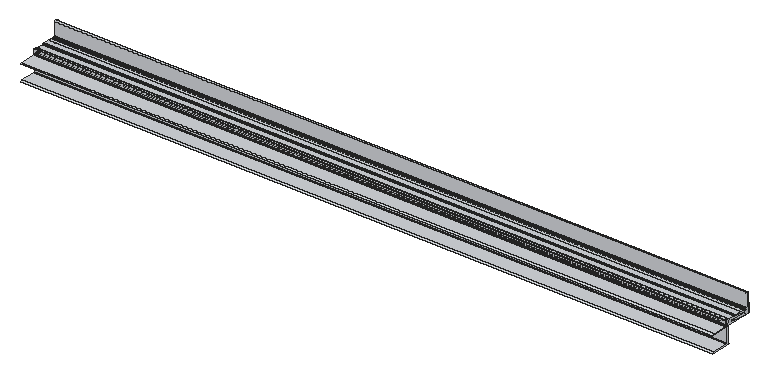
Revit family "Novojunta Pro Metal 80", category Modelos genéricos, Revit 2024 (continued)
Automatic sketch dimensions
  Extrusion 5 sketch curve to Extrusion 5 sketch curve = 0.666 mm
  Extrusion 5 sketch curve to Extrusion 5 sketch curve = 4.013 mm  (x2)
  Extrusion 5 sketch curve to Extrusion 5 sketch curve = 2.474 mm
  Extrusion 5 sketch curve to Extrusion 5 sketch curve = 0.22 mm
  Extrusion 5 sketch curve to Extrusion 5 sketch curve = 2.396 mm
  Extrusion 5 sketch curve to Extrusion 5 sketch curve = 0.396 mm
  Extrusion 5 sketch curve to Extrusion 5 sketch curve = 0.573 mm
  Extrusion 5 sketch curve to Extrusion 5 sketch curve = 0.513 mm
  Extrusion 5 sketch curve to Extrusion 5 sketch curve = 0.708 mm
  Extrusion 5 sketch curve to Extrusion 5 sketch curve = 3.287 mm
  Extrusion 5 sketch curve to Extrusion 5 sketch curve = 0.499 mm
  Extrusion 5 sketch curve to Extrusion 5 sketch curve = 0.515 mm
  Extrusion 5 sketch curve to Extrusion 5 sketch curve = 3.513 mm
  Extrusion 5 sketch curve to Extrusion 5 sketch curve = 2.076 mm
  Extrusion 5 sketch curve to Extrusion 5 sketch curve = 4.574 mm
  Extrusion 5 sketch curve to Extrusion 5 sketch curve = 46.095 mm
  Extrusion 5 sketch curve to Extrusion 5 sketch curve = 3.806 mm
  Extrusion 5 sketch curve to Extrusion 5 sketch curve = 2.051 mm
  Extrusion 5 sketch curve to Extrusion 5 sketch curve = 0.001 mm
  Extrusion 6 sketch curve to Extrusion 6 sketch curve = 0 mm  (x62)
  Extrusion 6 sketch curve to plane 1 "Center (Front/Back)" = 117.104 mm
  Extrusion 6 sketch curve to Extrusion 6 sketch curve = 6 mm  (x2)
  Extrusion 6 sketch curve to Extrusion 6 sketch curve = 55.9 mm
  Extrusion 6 sketch curve to level = 15.561 mm  (x2)
  Extrusion 6 sketch curve to Extrusion 6 sketch curve = 0.42 mm  (x3)
  Extrusion 6 sketch curve to Extrusion 6 sketch curve = 0.08 mm
  Extrusion 6 sketch curve to Extrusion 6 sketch curve = 0.5 mm  (x2)
  Extrusion 6 sketch curve to Extrusion 6 sketch curve = 2.5 mm
  Extrusion 6 sketch curve to Extrusion 6 sketch curve = 2.08 mm  (x3)
  Extrusion 6 sketch curve to level = 44.931 mm  (x2)
  Extrusion 6 sketch curve to Extrusion 6 sketch curve = 2 mm  (x6)
  Extrusion 6 sketch curve to Extrusion 6 sketch curve = 1.409 mm  (x2)
  Extrusion 6 sketch curve to Extrusion 6 sketch curve = 1.843 mm  (x2)
  Extrusion 6 sketch curve to Extrusion 6 sketch curve = 3.5 mm  (x2)
  Extrusion 6 sketch curve to level = 20.567 mm  (x2)
  Extrusion 6 sketch curve to Extrusion 6 sketch curve = 1.415 mm
  Extrusion 6 sketch curve to Extrusion 6 sketch curve = 0.585 mm  (x2)
  Extrusion 6 sketch curve to Extrusion 6 sketch curve = 2.8 mm
  Extrusion 6 sketch curve to Extrusion 6 sketch curve = 3.657 mm
  Extrusion 6 sketch curve to Extrusion 6 sketch curve = 0.049 mm  (x2)
  Extrusion 6 sketch curve to Extrusion 6 sketch curve = 0.217 mm  (x2)
  Extrusion 6 sketch curve to Extrusion 6 sketch curve = 4.181 mm
  Extrusion 6 sketch curve to Extrusion 6 sketch curve = 3.885 mm
  Extrusion 6 sketch curve to Extrusion 6 sketch curve = 0.443 mm  (x2)
  Extrusion 6 sketch curve to Extrusion 6 sketch curve = 2.163 mm
  Extrusion 6 sketch curve to Extrusion 6 sketch curve = 2.872 mm
  Extrusion 6 sketch curve to Extrusion 6 sketch curve = 1.697 mm
  Extrusion 6 sketch curve to Extrusion 6 sketch curve = 1.496 mm  (x2)
  Extrusion 6 sketch curve to level = 5.338 mm
  Extrusion 6 sketch curve to Extrusion 6 sketch curve = 7.933 mm
  Extrusion 6 sketch curve to level = 11.521 mm
  Extrusion 6 sketch curve to Extrusion 6 sketch curve = 0.461 mm
  Extrusion 6 sketch curve to Extrusion 6 sketch curve = 17.428 mm
  Extrusion 6 sketch curve to level = 9.925 mm
  Extrusion 6 sketch curve to Extrusion 6 sketch curve = 0.416 mm
  Extrusion 6 sketch curve to Extrusion 6 sketch curve = 1.256 mm
  Extrusion 6 sketch curve to Extrusion 6 sketch curve = 0.057 mm  (x2)
  Extrusion 6 sketch curve to Extrusion 6 sketch curve = 3.466 mm
  Extrusion 6 sketch curve to Extrusion 6 sketch curve = 6.098 mm
  Extrusion 6 sketch curve to Extrusion 6 sketch curve = 9.107 mm
  Extrusion 6 sketch curve to Extrusion 6 sketch curve = 1.375 mm
  Extrusion 6 sketch curve to level = 2.518 mm
  Extrusion 6 sketch curve to level = 8.637 mm
  Extrusion 6 sketch curve to level = 14.122 mm
  Extrusion 6 sketch curve to Extrusion 6 sketch curve = 17.383 mm
  Extrusion 6 sketch curve to level = 13.024 mm
  Extrusion 6 sketch curve to Extrusion 6 sketch curve = 0.446 mm
  Extrusion 6 sketch curve to level = 0.958 mm
  Extrusion 6 sketch curve to Extrusion 6 sketch curve = 0.625 mm
  Extrusion 6 sketch curve to level = 17.637 mm
  Extrusion 6 sketch curve to Extrusion 6 sketch curve = 0.185 mm
  Extrusion 6 sketch curve to level = 19.244 mm
  Extrusion 6 sketch curve to Extrusion 6 sketch curve = 0.444 mm
  Extrusion 6 sketch curve to Extrusion 6 sketch curve = 2.973 mm
  Extrusion 6 sketch curve to level = 11.808 mm
  Extrusion 6 sketch curve to Extrusion 6 sketch curve = 2.655 mm
  Extrusion 6 sketch curve to Extrusion 6 sketch curve = 2.823 mm
  Extrusion 6 sketch curve to Extrusion 6 sketch curve = 2.943 mm
  Extrusion 6 sketch curve to Extrusion 6 sketch curve = 3.743 mm
  Extrusion 6 sketch curve to level = 14.528 mm
  Extrusion 6 sketch curve to Extrusion 6 sketch curve = 3.874 mm
  Extrusion 6 sketch curve to Extrusion 6 sketch curve = 4.14 mm
  Extrusion 6 sketch curve to level = 18.801 mm
  Extrusion 6 sketch curve to level = 46.931 mm
  Extrusion 6 sketch curve to Extrusion 6 sketch curve = 56.9 mm
  Extrusion 6 sketch curve to Extrusion 6 sketch curve = 2.9 mm  (x2)
  Extrusion 6 sketch curve to Extrusion 6 sketch curve = 2.1 mm  (x2)
  Extrusion 6 sketch curve to Extrusion 6 sketch curve = 1.7 mm  (x2)
  Extrusion 6 sketch curve to Extrusion 6 sketch curve = 2.291 mm
  Extrusion 6 sketch curve to Extrusion 6 sketch curve = 1.74 mm
  Extrusion 6 sketch curve to Extrusion 6 sketch curve = 0.666 mm  (x2)
  Extrusion 6 sketch curve to Extrusion 6 sketch curve = 8.499 mm
  Extrusion 6 sketch curve to Extrusion 6 sketch curve = 0.112 mm
  Extrusion 6 sketch curve to Extrusion 6 sketch curve = 2.055 mm  (x2)
  Extrusion 6 sketch curve to Extrusion 6 sketch curve = 0.425 mm  (x2)
  Extrusion 6 sketch curve to Extrusion 6 sketch curve = 0.231 mm
  Extrusion 6 sketch curve to Extrusion 6 sketch curve = 2.392 mm
  Extrusion 6 sketch curve to Extrusion 6 sketch curve = 0.577 mm
  Extrusion 6 sketch curve to Extrusion 6 sketch curve = 0.392 mm
  Extrusion 6 sketch curve to Extrusion 6 sketch curve = 0.618 mm
  Extrusion 6 sketch curve to Extrusion 6 sketch curve = 0.718 mm
  Extrusion 6 sketch curve to Extrusion 6 sketch curve = 2.712 mm
  Extrusion 6 sketch curve to Extrusion 6 sketch curve = 3.297 mm
  Extrusion 6 sketch curve to Extrusion 6 sketch curve = 0.394 mm
  Extrusion 6 sketch curve to Extrusion 6 sketch curve = 0.415 mm
  Extrusion 6 sketch curve to Extrusion 6 sketch curve = 4.003 mm
  Extrusion 7 sketch curve to Extrusion 7 sketch curve = 0 mm  (x62)
  Extrusion 7 sketch curve to plane 1 "Center (Front/Back)" = 58.727 mm
  Extrusion 7 sketch curve to Extrusion 7 sketch curve = 2.122 mm
  Extrusion 7 sketch curve to Extrusion 7 sketch curve = 0.5 mm  (x3)
  Extrusion 7 sketch curve to Extrusion 7 sketch curve = 3 mm
  Extrusion 7 sketch curve to Extrusion 7 sketch curve = 1 mm  (x2)
  Extrusion 7 sketch curve to Extrusion 7 sketch curve = 1.415 mm  (x2)
  Extrusion 7 sketch curve to Extrusion 7 sketch curve = 1.836 mm  (x2)
  Extrusion 7 sketch curve to Extrusion 7 sketch curve = 4.085 mm
  Extrusion 7 sketch curve to Extrusion 7 sketch curve = 0.052 mm  (x2)
  Extrusion 7 sketch curve to Extrusion 7 sketch curve = 0.214 mm  (x2)
  Extrusion 7 sketch curve to Extrusion 7 sketch curve = 4.184 mm
  Extrusion 7 sketch curve to Extrusion 7 sketch curve = 4.609 mm
  Extrusion 7 sketch curve to Extrusion 7 sketch curve = 2.156 mm
  Extrusion 7 sketch curve to Extrusion 7 sketch curve = 2.872 mm
  Extrusion 7 sketch curve to Extrusion 7 sketch curve = 2.984 mm  (x2)
  Extrusion 7 sketch curve to level = 5.428 mm
  Extrusion 7 sketch curve to Extrusion 7 sketch curve = 7.935 mm
  Extrusion 7 sketch curve to level = 11.61 mm
  Extrusion 7 sketch curve to Extrusion 7 sketch curve = 0.469 mm
  Extrusion 7 sketch curve to Extrusion 7 sketch curve = 18.819 mm
  Extrusion 7 sketch curve to level = 9.986 mm
  Extrusion 7 sketch curve to Extrusion 7 sketch curve = 0.424 mm
  Extrusion 7 sketch curve to Extrusion 7 sketch curve = 1.313 mm
  Extrusion 7 sketch curve to Extrusion 7 sketch curve = 0.038 mm
  Extrusion 7 sketch curve to Extrusion 7 sketch curve = 3.382 mm  (x2)
  Extrusion 7 sketch curve to Extrusion 7 sketch curve = 6.098 mm
  Extrusion 7 sketch curve to Extrusion 7 sketch curve = 7.703 mm
  Extrusion 7 sketch curve to Extrusion 7 sketch curve = 1.365 mm
  Extrusion 7 sketch curve to level = 2.559 mm
  Extrusion 7 sketch curve to level = 8.676 mm
  Extrusion 7 sketch curve to level = 14.06 mm
  Extrusion 7 sketch curve to Extrusion 7 sketch curve = 18.774 mm
  Extrusion 7 sketch curve to level = 13.034 mm
  Extrusion 7 sketch curve to Extrusion 7 sketch curve = 0.454 mm
  Extrusion 7 sketch curve to level = 0.847 mm
  Extrusion 7 sketch curve to level = 19.201 mm
  Extrusion 7 sketch curve to Extrusion 7 sketch curve = 7.746 mm
  Extrusion 7 sketch curve to Extrusion 7 sketch curve = 0.636 mm
  Extrusion 7 sketch curve to level = 17.636 mm
  Extrusion 7 sketch curve to Extrusion 7 sketch curve = 0.386 mm
  Extrusion 7 sketch curve to Extrusion 7 sketch curve = 0.562 mm
  Extrusion 7 sketch curve to level = 11.804 mm
  Extrusion 7 sketch curve to Extrusion 7 sketch curve = 2.658 mm
  Extrusion 7 sketch curve to Extrusion 7 sketch curve = 2.82 mm
  Extrusion 7 sketch curve to Extrusion 7 sketch curve = 3.062 mm
  Extrusion 7 sketch curve to Extrusion 7 sketch curve = 3.862 mm
  Extrusion 7 sketch curve to level = 20.56 mm
  Extrusion 7 sketch curve to Extrusion 7 sketch curve = 0.585 mm
  Extrusion 7 sketch curve to Extrusion 7 sketch curve = 2 mm  (x4)
  Extrusion 7 sketch curve to level = 14.52 mm
  Extrusion 7 sketch curve to Extrusion 7 sketch curve = 3.878 mm
  Extrusion 7 sketch curve to level = 4.509 mm
  Extrusion 7 sketch curve to Extrusion 7 sketch curve = 4 mm
  Extrusion 7 sketch curve to level = 18.78 mm
  Extrusion 7 sketch curve to Extrusion 7 sketch curve = 0.463 mm
  Extrusion 7 sketch curve to level = 75.931 mm
  Extrusion 7 sketch curve to Extrusion 7 sketch curve = 2.037 mm  (x2)
  Extrusion 7 sketch curve to level = 15.581 mm
  Extrusion 7 sketch curve to Extrusion 7 sketch curve = 5.915 mm
  Extrusion 7 sketch curve to Extrusion 7 sketch curve = 56.4 mm
  Extrusion 7 sketch curve to level = 79.931 mm
  Extrusion 7 sketch curve to Extrusion 7 sketch curve = 5.647 mm
  Extrusion 7 sketch curve to Extrusion 7 sketch curve = 2.1 mm
  Extrusion 7 sketch curve to Extrusion 7 sketch curve = 1.7 mm
  Extrusion 7 sketch curve to Extrusion 7 sketch curve = 0.57 mm
  Extrusion 7 sketch curve to Extrusion 7 sketch curve = 0.916 mm
  Extrusion 7 sketch curve to Extrusion 7 sketch curve = 2.575 mm
  Extrusion 7 sketch curve to Extrusion 7 sketch curve = 0.499 mm  (x2)
  Extrusion 7 sketch curve to Extrusion 7 sketch curve = 4.078 mm
  Extrusion 7 sketch curve to Extrusion 7 sketch curve = 2.395 mm
  Extrusion 7 sketch curve to Extrusion 7 sketch curve = 0.395 mm
  Extrusion 7 sketch curve to Extrusion 7 sketch curve = 2.902 mm
  Extrusion 7 sketch curve to Extrusion 7 sketch curve = 0.61 mm
  Extrusion 7 sketch curve to Extrusion 7 sketch curve = 0.809 mm
  Extrusion 7 sketch curve to Extrusion 7 sketch curve = 3.289 mm
  Extrusion 7 sketch curve to Extrusion 7 sketch curve = 0.393 mm
  Extrusion 7 sketch curve to Extrusion 7 sketch curve = 0.416 mm
  Extrusion 7 sketch curve to Extrusion 7 sketch curve = 2.076 mm
  Extrusion 7 sketch curve to Extrusion 7 sketch curve = 4.01 mm
  Extrusion 7 sketch curve to Extrusion 7 sketch curve = 4.578 mm
  Extrusion 7 sketch curve to Extrusion 7 sketch curve = 46.095 mm
  Extrusion 7 sketch curve to Extrusion 7 sketch curve = 3.806 mm
  Extrusion 8 sketch curve to Extrusion 8 sketch curve = 0 mm  (x64)
  Extrusion 8 sketch curve to plane 1 "Center (Front/Back)" = 117.451 mm
  Extrusion 8 sketch curve to Extrusion 8 sketch curve = 5.647 mm  (x2)
  Extrusion 8 sketch curve to Extrusion 8 sketch curve = 55.2 mm
  Extrusion 8 sketch curve to level = 15.581 mm  (x2)
  Extrusion 8 sketch curve to Extrusion 8 sketch curve = 0.463 mm  (x4)
  Extrusion 8 sketch curve to Extrusion 8 sketch curve = 0.237 mm
  Extrusion 8 sketch curve to level = 75.931 mm  (x2)
  Extrusion 8 sketch curve to Extrusion 8 sketch curve = 0.5 mm  (x3)
  Extrusion 8 sketch curve to Extrusion 8 sketch curve = 2.5 mm
  Extrusion 8 sketch curve to Extrusion 8 sketch curve = 2.037 mm  (x3)
  Extrusion 8 sketch curve to Extrusion 8 sketch curve = 2 mm  (x7)
  Extrusion 8 sketch curve to Extrusion 8 sketch curve = 1.415 mm  (x3)
  Extrusion 8 sketch curve to Extrusion 8 sketch curve = 1.836 mm  (x2)
  Extrusion 8 sketch curve to level = 76.131 mm
  Extrusion 8 sketch curve to Extrusion 8 sketch curve = 4 mm  (x2)
  Extrusion 8 sketch curve to level = 20.56 mm  (x2)
  Extrusion 8 sketch curve to Extrusion 8 sketch curve = 2.8 mm  (x2)
  Extrusion 8 sketch curve to Extrusion 8 sketch curve = 4.085 mm
  Extrusion 8 sketch curve to Extrusion 8 sketch curve = 0.052 mm  (x2)
  Extrusion 8 sketch curve to Extrusion 8 sketch curve = 0.214 mm  (x2)
  Extrusion 8 sketch curve to Extrusion 8 sketch curve = 4.188 mm
  Extrusion 8 sketch curve to Extrusion 8 sketch curve = 3.885 mm
  Extrusion 8 sketch curve to Extrusion 8 sketch curve = 2.872 mm
  Extrusion 8 sketch curve to Extrusion 8 sketch curve = 0.562 mm  (x2)
  Extrusion 8 sketch curve to Extrusion 8 sketch curve = 1.008 mm
  Extrusion 8 sketch curve to Extrusion 8 sketch curve = 1.496 mm  (x2)
  Extrusion 8 sketch curve to level = 5.428 mm
  Extrusion 8 sketch curve to Extrusion 8 sketch curve = 7.935 mm
  Extrusion 8 sketch curve to level = 11.51 mm
  Extrusion 8 sketch curve to Extrusion 8 sketch curve = 0.461 mm  (x2)
  Extrusion 8 sketch curve to Extrusion 8 sketch curve = 18.819 mm
  Extrusion 8 sketch curve to level = 9.886 mm
  Extrusion 8 sketch curve to Extrusion 8 sketch curve = 0.416 mm  (x2)
  Extrusion 8 sketch curve to Extrusion 8 sketch curve = 1.321 mm
  Extrusion 8 sketch curve to Extrusion 8 sketch curve = 0.038 mm
  Extrusion 8 sketch curve to Extrusion 8 sketch curve = 3.382 mm  (x2)
  Extrusion 8 sketch curve to Extrusion 8 sketch curve = 6.106 mm
  Extrusion 8 sketch curve to Extrusion 8 sketch curve = 7.703 mm
  Extrusion 8 sketch curve to Extrusion 8 sketch curve = 1.365 mm
  Extrusion 8 sketch curve to level = 2.559 mm
  Extrusion 8 sketch curve to level = 8.576 mm
  Extrusion 8 sketch curve to level = 14.06 mm
  Extrusion 8 sketch curve to Extrusion 8 sketch curve = 18.774 mm
  Extrusion 8 sketch curve to level = 13.034 mm
  Extrusion 8 sketch curve to level = 0.961 mm
  Extrusion 8 sketch curve to level = 19.201 mm
  Extrusion 8 sketch curve to Extrusion 8 sketch curve = 7.746 mm
  Extrusion 8 sketch curve to Extrusion 8 sketch curve = 0.636 mm
  Extrusion 8 sketch curve to Extrusion 8 sketch curve = 2.984 mm
  Extrusion 8 sketch curve to level = 11.804 mm
  Extrusion 8 sketch curve to Extrusion 8 sketch curve = 2.658 mm
  Extrusion 8 sketch curve to Extrusion 8 sketch curve = 2.82 mm
  Extrusion 8 sketch curve to Extrusion 8 sketch curve = 3.062 mm
  Extrusion 8 sketch curve to Extrusion 8 sketch curve = 3.862 mm
  Extrusion 8 sketch curve to Extrusion 8 sketch curve = 0.585 mm
  Extrusion 8 sketch curve to level = 14.52 mm
  Extrusion 8 sketch curve to Extrusion 8 sketch curve = 3.878 mm
  Extrusion 8 sketch curve to level = 4.509 mm
  Extrusion 8 sketch curve to Extrusion 8 sketch curve = 4.137 mm
  Extrusion 8 sketch curve to level = 18.78 mm
  Extrusion 8 sketch curve to Extrusion 8 sketch curve = 56.4 mm
  Extrusion 8 sketch curve to Extrusion 8 sketch curve = 1.9 mm
  Extrusion 8 sketch curve to Extrusion 8 sketch curve = 1.7 mm  (x3)
  Extrusion 8 sketch curve to Extrusion 8 sketch curve = 2.1 mm  (x2)
  Extrusion 8 sketch curve to Extrusion 8 sketch curve = 2.244 mm
  Extrusion 8 sketch curve to Extrusion 8 sketch curve = 0.57 mm  (x2)
  Extrusion 8 sketch curve to Extrusion 8 sketch curve = 2.575 mm
  Extrusion 8 sketch curve to Extrusion 8 sketch curve = 1.017 mm
  Extrusion 8 sketch curve to Extrusion 8 sketch curve = 0.499 mm  (x2)
  Extrusion 8 sketch curve to Extrusion 8 sketch curve = 0.18 mm
  Extrusion 8 sketch curve to Extrusion 8 sketch curve = 2.395 mm
  Extrusion 8 sketch curve to Extrusion 8 sketch curve = 2.722 mm
  Extrusion 8 sketch curve to Extrusion 8 sketch curve = 2.902 mm
  Extrusion 8 sketch curve to Extrusion 8 sketch curve = 0.71 mm  (x2)
  Extrusion 8 sketch curve to Extrusion 8 sketch curve = 3.289 mm
  Extrusion 8 sketch curve to Extrusion 8 sketch curve = 3.511 mm
  Extrusion 8 sketch curve to Extrusion 8 sketch curve = 2.076 mm
  Extrusion 8 sketch curve to Extrusion 8 sketch curve = 2.053 mm
  Extrusion 8 sketch curve to Extrusion 8 sketch curve = 0.174 mm
  Extrusion 8 sketch curve to level = 17.638 mm
  Extrusion 8 sketch curve to Extrusion 8 sketch curve = 0.001 mm
